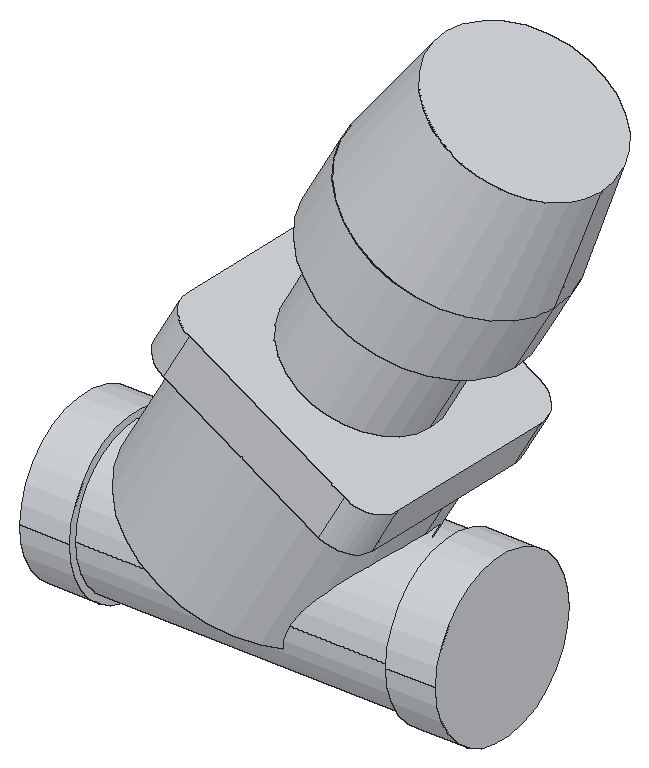
Revit family "OPTIMA_Compact_MM_DN15_5,0_RFA_2018", category Pipe Accessories, Revit 2018
Family settings
  Round Connector Dimension = Use Diameter
  Part Type = Valve - Breaks Into
  Work Plane-Based = No
  Always vertical = Yes
  Cut with Voids When Loaded = No
  Shared = No
Parameters (values of type "OPTIMA Compact DN15 M-M 5.0mm")
  magiProductId = "3da7abe28dc3494da6d3a7ef2edb11"
  magiProductFamilyId = "78ecc78dd0e54fb5aa8a98aef7d402"
  magiPartTypeId = 304
  isMeasuringValve [instance] = no
  ang2D [instance] = 0.00°
  Z = 0 mm
  X = 7 mm
  W2D = 32 mm
  VersionID = "2.0/2018.8.28.1/FRESE_OPTIMA-COMPACT-MM_001"
  Use Minimum Symbol Size [instance] = yes
  URL = "www.hydronic.cz"
  Type Comments = "vnější závit; PN25; 0~120°C, bez měřicích vsuvek"
  R9 = 8 mm
  R8 = 14 mm
  R7 = 17 mm
  R6 = 12 mm
  R5 = 5 mm
  R4 = 19 mm
  R3 = 19 mm
  R2 = 12 mm
  R1 = 13 mm
  QmdConnectorList = "301;D;302;D"
  Productdata [instance] = ""
  PLG0 = no
  Manufacturer = "Hydronic Systems Prague s.r.o."
  MC Product Code = "53-1305  (3/4\" M-M; 5.0mm; Qmin-dpmin 220l/h-16.0kPa; Qmax-dpmin 1330l/h-21.6kPa; dpmax 800kPa)"
  MC Piping Given Pressure Drop [instance] = 0.0 Pa
  LL = 32.5 mm
  L3 = 11 mm
  L2D_Min = 3048 mm
  L2D = 104 mm
  L2 = 49.4 mm
  L1__ve = -L1  # -7.8 mm
  L1 = 7.8 mm
  H6__ve = -H6  # -55 mm
  H6 = 55 mm
  H5 = 20 mm
  H4 = 12 mm
  H3 = 18 mm
  H2 = 8 mm
  H1 = 26 mm
  Description = "Tlakově nezávislý 2-cestný regulační vyvažovací ventil (PICV)"
  D = 15 mm
  A = 30.00°
Types (8, lengths in mm): name | magiProductId | Z | X | R4 | R3 | R2 | R1 | MC Product Code | LL | L3 | L2 | L1__ve | L1 | H6__ve | H6 | H5 | H3 | H2 | H1 | D
  OPTIMA Compact DN32 M-M 5.5mm | "9229f6b2647a4beea29cfed7a0464e" | 1 | 13 | 29 | 31.5 | 22 | 24 | "53-1314  (6/4\" M-M; 5.5mm; Qmin-dpmin 550l/h-17.9kPa; Qmax-dpmin 4001l/h-28.0kPa; dpmax 800kPa)" | 52 | 12.5 | 79.04 | -12.48 | 12.48 | -66 | 66 | 20 | 16 | 10 | 46 | 32
  OPTIMA Compact DN15 M-M 2.5mm | "cf91b4957677408aaed6de7f8e707d" | 0 | 7 | 19 | 19 | 12 | 13 | "53-1304  (3/4\" M-M; 2.5mm; Qmin-dpmin 100l/h-14.9kPa; Qmax-dpmin 575l/h-18.5kPa; dpmax 800kPa)" | 32.5 | 11 | 49.4 | -7.8 | 7.8 | -55 | 55 | 20 | 18 | 8 | 26 | 15
  OPTIMA Compact DN15 M-M 5.0mm | "3da7abe28dc3494da6d3a7ef2edb11" | 0 | 7 | 19 | 19 | 12 | 13 | "53-1305  (3/4\" M-M; 5.0mm; Qmin-dpmin 220l/h-16.0kPa; Qmax-dpmin 1330l/h-21.6kPa; dpmax 800kPa)" | 32.5 | 11 | 49.4 | -7.8 | 7.8 | -55 | 55 | 20 | 18 | 8 | 26 | 15
  OPTIMA Compact DN20 M-M 5.0mm | "dbf1ea5749af4e6bb74c096f7a23b2" | 0 | 10 | 19 | 19 | 13.5 | 16.5 | "53-1308  (1\" M-M; 5.0mm; Qmin-dpmin 220l/h-16.0kPa; Qmax-dpmin 1330l/h-21.6kPa; dpmax 800kPa)" | 35 | 11 | 53.2 | -8.4 | 8.4 | -58.5 | 58.5 | 20 | 18 | 8 | 26 | 20
  OPTIMA Compact DN20 M-M 5.5mm | "a40c776a67e54a899e920652842cb9" | 0 | 10 | 19 | 19 | 13.5 | 16.5 | "53-1311  (1\" M-M; 5.5mm; Qmin-dpmin 300l/h-17.8kPa; Qmax-dpmin 1800l/h-40.0kPa; dpmax 800kPa)" | 35 | 11 | 53.2 | -8.4 | 8.4 | -58.5 | 58.5 | 20 | 18 | 8 | 26 | 20
  OPTIMA Compact DN25 M-M 5.5mm | "c9531e40f709430d814b4200686e37" | 0 | 13 | 29 | 31.5 | 18.5 | 21 | "53-1313  (5/4\" M-M; 5.5mm; Qmin-dpmin 600l/h-17.3kPa; Qmax-dpmin 3609l/h-23.0kPa; dpmax 800kPa)" | 52 | 12.5 | 79.04 | -12.48 | 12.48 | -63 | 63 | 20 | 16 | 10 | 43 | 25
  OPTIMA Compact DN10 M-M 2.5mm | "719160033de540c9acf49957212ec3" | 0 | 7 | 19 | 19 | 9 | 10.5 | "53-1300  (1/2\" M-M; 2.5mm; Qmin-dpmin 30l/h-14.3kPa; Qmax-dpmin 200l/h-15.8kPa; dpmax 800kPa)" | 32.5 | 11 | 49.4 | -7.8 | 7.8 | -52.5 | 52.5 | 17 | 18 | 8 | 30 | 10
  OPTIMA Compact DN10 M-M 5.0mm | "5a6cfbbfc7584f5c989f475761ae24" | 0 | 7 | 19 | 19 | 9 | 10.5 | "53-1309  (1/2\" M-M; 5.0mm; Qmin-dpmin 65l/h-14.6kPa; Qmax-dpmin 370l/h-17.2kPa; dpmax 800kPa)" | 32.5 | 11 | 49.4 | -7.8 | 7.8 | -52.5 | 52.5 | 17 | 18 | 8 | 30 | 10
Reference planes
  plane 1 "Center (Front/Back)": y = 0
  plane 2 "XYPLANE": z = 0
  plane 3 "Center (Left/Right)": x = 0
  plane 4 "267": x = 11
  plane 5 "266": x = -11
  plane 6 "252": through (-607.519, 0, 447.746) normal (0.5, 0, 0.866)
  plane 7 "250": through (-617.519, 0, 430.426) normal (0.5, 0, 0.866)
  plane 8 "248": through (-623.519, 0, 420.033) normal (0.5, 0, 0.866)
  plane 9 "245": through (-632.519, 0, 404.445) normal (0.5, 0, 0.866)
  plane 10 "241": through (352.483, 0, 662.519) normal (0.866, 0, -0.5)
  plane 11 "240": through (385.392, 0, 643.519) normal (0.866, 0, -0.5)
  plane 12 "239": y = -19
  plane 13 "238": y = 19
  plane 14 "237": through (-636.519, 0, 397.517) normal (0.5, 0, 0.866)
  plane 15 "235": through (-649.519, 0, 375) normal (0.5, 0, 0.866)
  plane 16 "231": y = 0
  plane 17 "230": through (368.938, 0, 653.019) normal (0.866, 0, -0.5)
  plane 18 "211": x = -24.7
  plane 19 "204": x = 32.5
  plane 20 "203": x = -32.5
  plane 21 "202": x = 0
  plane 22 "201": z = 0
  plane 23 "200": y = 0
  plane 24 "227XY": through (-649.519, 0, 375) normal (0.5, 0, 0.866)
  plane 25 "227XZ": y = 0
  plane 26 "227YZ": through (375, 0, 649.519) normal (0.866, 0, -0.5)
Forms (mm)
  Extrusion 1, solid, visible <- "PLG0"
    sketch origin (-750, 0, 0) x (1, 0, 0) y (0, 1, 0)
      loop
        circle (761, 0) r 8
    from 0 to -55 <- "H6__ve"
  Extrusion 2, solid, visible <- "PLG0"
    sketch origin (-750, 0, 0) x (1, 0, 0) y (0, 1, 0)
      loop
        circle (739, 0) r 8
    from 0 to -55 <- "H6__ve"
  Blend 3, solid
    base sketch origin (-617.519, 0, 430.426) x (0.866025, 0, -0.5) y (0, 1, 0)
      loop
        circle (743, 0) r 17
    top sketch origin (-617.519, 0, 430.426) x (0.866025, 0, -0.5) y (0, 1, 0)
      loop
        circle (743, 0) r 14
    from 0 to 20
  Extrusion 4, solid
    sketch origin (-623.519, 0, 420.033) x (0.866025, 0, -0.5) y (0, 1, 0)
      loop
        circle (743, 0) r 17
    from 0 to 12 <- "H4"
  Extrusion 5, solid
    sketch origin (-632.519, 0, 404.445) x (0.866025, 0, -0.5) y (0, 1, 0)
      loop
        circle (743, 0) r 12
    from 0 to 18 <- "H3"
  Extrusion 6, solid
    sketch origin (-636.519, 0, 397.517) x (0.866025, 0, -0.5) y (0, 1, 0)
      loop
        arc (729, 19) -> (725.464, 17.536) -> (724, 14) r 5
        line (724, 14) -> (724, -14)
        arc (724, -14) -> (725.464, -17.536) -> (729, -19) r 5
        line (729, -19) -> (757, -19)
        arc (757, -19) -> (760.536, -17.536) -> (762, -14) r 5
        line (762, -14) -> (762, 14)
        arc (762, 14) -> (760.536, 17.536) -> (757, 19) r 5
        line (757, 19) -> (729, 19)
    from 0 to 8 <- "H2"
  Extrusion 7, solid
    sketch origin (-649.519, 0, 375) x (0.866025, 0, -0.5) y (0, 1, 0)
      loop
        circle (743, 0) r 19
    from 0 to 26 <- "H1"
  Extrusion 8, solid
    sketch origin (-24.7, -750, 0) x (0, 1, 0) y (0, 0, 1)
      loop
        circle (750, 0) r 12
    from 0 to 49.4 <- "L2"
  Extrusion 9, solid
    sketch origin (32.5, -750, 0) x (0, 1, 0) y (0, 0, 1)
      loop
        circle (750, 0) r 13
    from 0 to -7.8 <- "L1__ve"
  Extrusion 10, solid
    sketch origin (-32.5, -750, 0) x (0, 1, 0) y (0, 0, 1)
      loop
        circle (750, 0) r 13
    from 0 to 7.8 <- "L1"
  Extrusion 11, solid, not visible
    sketch origin (32.5, -750, 0) x (0, 1, 0) y (0, 0, 1)
      loop
        circle (750, 0) r 10
    from 0 to -10
  Extrusion 12, solid, not visible
    sketch origin (-32.5, -750, 0) x (0, 1, 0) y (0, 0, 1)
      loop
        circle (750, 0) r 10
    from 0 to 10
Lines and regions (mm)
  reference lines, not visible
    curve 1: circle (2, 2, 0) r 1 normal (0, 0, 1)
Dimensions and locks
  plane 1 "Center (Front/Back)" to curve 1 = 2 mm
  "L3": plane 3 "Center (Left/Right)" to plane 4 "267"
  "L3": plane 3 "Center (Left/Right)" to plane 5 "266"
  "H5": plane 7 "250" to plane 6 "252"
  "H4": plane 8 "248" to plane 7 "250"
  "H3": plane 9 "245" to plane 8 "248"
  "H2": plane 14 "237" to plane 9 "245"
  "R4": plane 17 "230" to plane 10 "241"
  "R4": plane 17 "230" to plane 11 "240"
  "R4": plane 23 "200" to plane 12 "239"
  "R4": plane 23 "200" to plane 13 "238"
  "H1": plane 15 "235" to plane 14 "237"
  "Z": plane 24 "227XY" to plane 15 "235"
  locked: plane 23 "200" to plane 16 "231"
  "X": plane 26 "227YZ" to plane 17 "230"
  "L1": plane 20 "203" to plane 18 "211"
  "LL": plane 3 "Center (Left/Right)" to plane 19 "204"
  "LL": plane 3 "Center (Left/Right)" to plane 20 "203"
  locked: plane 3 "Center (Left/Right)" to plane 21 "202"
  locked: plane 2 "XYPLANE" to plane 22 "201"
  locked: plane 1 "Center (Front/Back)" to plane 23 "200"
  Extrusion 6 sketch curve to Extrusion 6 sketch curve = 0 mm  (x16)
  "R9": radius of Extrusion 1 sketch curve
  "R9": radius of Extrusion 2 sketch curve
  "R8": radius of Blend 3 sketch curve
  "R7": radius of Blend 3 sketch curve
  "R7": radius of Extrusion 4 sketch curve
  "R6": radius of Extrusion 5 sketch curve
  "R5": radius of Extrusion 6 sketch curve  (x4)
  "R3": radius of Extrusion 7 sketch curve
  "R2": radius of Extrusion 8 sketch curve
  "R1": radius of Extrusion 9 sketch curve
  "R1": radius of Extrusion 10 sketch curve
  aligned and locked: level to plane 2 "XYPLANE"
  aligned and locked: plane 4 "267" to Extrusion 1 sketch curve
  aligned and locked: plane 23 "200" to Extrusion 1 sketch curve
  aligned and locked: plane 5 "266" to Extrusion 2 sketch curve
  aligned and locked: plane 23 "200" to Extrusion 2 sketch curve
  aligned and locked: plane 16 "231" to Blend 3 sketch curve  (x2)
  aligned and locked: Blend 3 sketch curve to plane 17 "230"  (x2)
  aligned and locked: plane 6 "252" to Blend 3
  aligned and locked: plane 16 "231" to Extrusion 4 sketch curve
  aligned and locked: Extrusion 4 sketch curve to plane 17 "230"
  aligned and locked: plane 16 "231" to Extrusion 5 sketch curve
  aligned and locked: Extrusion 5 sketch curve to plane 17 "230"
  aligned and locked: Extrusion 6 sketch curve to plane 10 "241"
  aligned and locked: Extrusion 6 sketch curve to plane 12 "239"
  aligned and locked: Extrusion 6 sketch curve to plane 11 "240"
  aligned and locked: plane 13 "238" to Extrusion 6 sketch curve
  aligned and locked: plane 16 "231" to Extrusion 7 sketch curve
  aligned and locked: Extrusion 7 sketch curve to plane 17 "230"
  aligned and locked: plane 22 "201" to Extrusion 8 sketch curve
  aligned and locked: Extrusion 8 sketch curve to plane 23 "200"
  aligned and locked: plane 22 "201" to Extrusion 9 sketch curve
  aligned and locked: Extrusion 9 sketch curve to plane 23 "200"
  aligned and locked: plane 22 "201" to Extrusion 10 sketch curve
  aligned and locked: Extrusion 10 sketch curve to plane 23 "200"
  aligned and locked: plane 22 "201" to Extrusion 11 sketch curve
  aligned and locked: Extrusion 11 sketch curve to plane 23 "200"
  aligned and locked: plane 22 "201" to Extrusion 12 sketch curve
  aligned and locked: Extrusion 12 sketch curve to plane 23 "200"
Automatic sketch dimensions
  plane 1 "Center (Front/Back)" to Extrusion 11 sketch curve = 10 mm
  plane 1 "Center (Front/Back)" to Extrusion 12 sketch curve = 10 mm
  plane 3 "Center (Left/Right)" to curve 1 = 2 mm
  radius of curve 1 = 1 mm
Connectors
  piping at (-32.5, 0, 0), diameter 15, driven by "D"
    settings: on Extrusion 12, index 1, connector inside diameter 609.6 mm, connector length 0 mm, flow factor 0, pipe flow 0.0 L/s, pressure drop 0.0 Pa, fitting loss kfactor 0, connector angle 0.00°, fixture units 0, engagement length 0 mm, angle of deflection 0.00°, flow configuration 0, flow direction 0, fitting loss method 0, system type 29, joint type 0, gender type 0, connector reference index 2, connector utility 0, adjustable connector no, is connector primary yes, connector description ""
  piping at (32.5, 0, 0), diameter 15, driven by "D"
    settings: on Extrusion 11, index 2, connector inside diameter 609.6 mm, connector length 0 mm, flow factor 0, pipe flow 0.0 L/s, pressure drop 0.0 Pa, fitting loss kfactor 0, connector angle 0.00°, fixture units 0, engagement length 0 mm, angle of deflection 0.00°, flow configuration 0, flow direction 0, fitting loss method 0, system type 29, joint type 0, gender type 0, connector reference index 1, connector utility 0, adjustable connector no, is connector primary no, connector description ""
